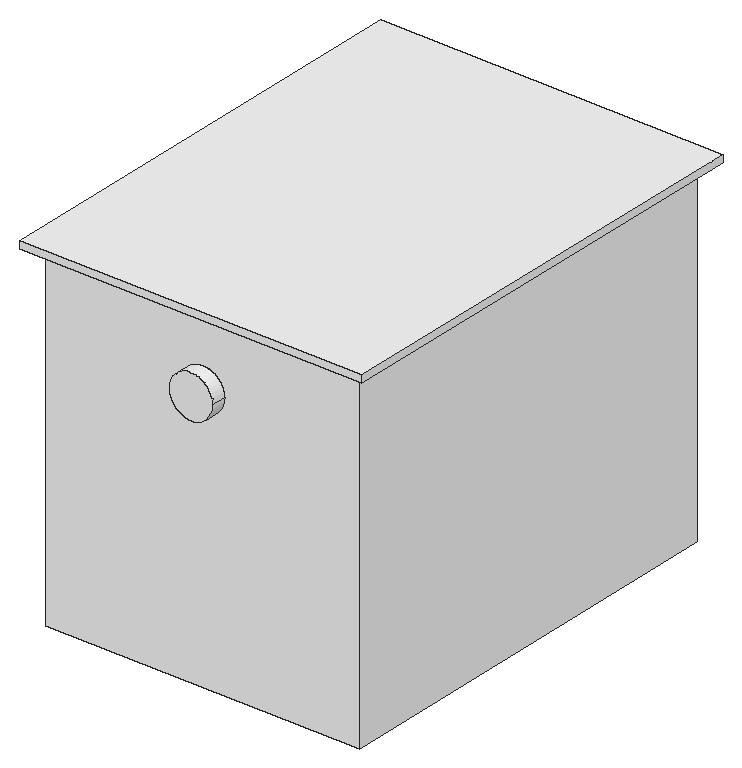
Revit family "Plumbing Fixture-Grease_Interseptor_MI-G-SS", category Plumbing Fixtures, host Face, Revit 2013
Parameters (values of type "MI-G-7-SS")
  Water Capacity = "46.82 Gallons"
  WFU = 0
  URL = "www.mifab.com"
  Standard Inlet And Outlet Radii = F / 2  # 1.500"
  Model = "MI-G-7-SS"
  Manufacturer = "MIFAB"
  Interceptor Material = Stainless Steel
  Grease Capacity = "100 lbs"
  Flow Rate = "50 GPM"
  F = 3.000"
  E = 24.000"
  Description = "Stainless Steel Grease Interceptor"
  Default Elevation = 0.000"
  D = 18.500"
  C = 5.500"
  B = 23.750"
  A = 31.250"
Types (9): name | Water Capacity | URL | Standard Inlet And Outlet Radii | Model | Grease Capacity | Flow Rate | F | E | D | C | B | A
  (no name) | "46.82 Gallons" | "www.mifab.com" | 1.500" | "MI-G-7-SS" | "100 lbs" | "50 GPM" | 3.000" | 24.000" | 18.500" | 5.500" | 23.750" | 31.250"
  MI-G-0-SS | "4.43 Gallons" | "www.mifab.com" | 1.000" | "MI-G-0-SS" | "8 lbs" | "4 GPM" | 2.000" | 11.000" | 8.500" | 2.500" | 11.250" | 16.750"
  MI-G-1-SS | "6 Gallons" | "www.mifab.com" | 1.000" | "MI-G-1-SS" | "14 lbs" | "7 GPM" | 2.000" | 12.000" | 8.500" | 3.500" | 13.750" | 17.750"
  MI-G-2-SS | "9.74 Gallons" | "www.mifab.com" | 1.000" | "MI-G-2-SS" | "20 lbs" | "10 GPM" | 2.000" | 13.000" | 9.500" | 3.500" | 15.750" | 21.250"
  MI-G-3-SS | "13.59 Gallons" | "www.mifab.com" | 1.000" | "MI-G-3-SS" | "30 lbs" | "15 GPM" | 2.000" | 15.000" | 11.500" | 3.500" | 15.750" | 23.750"
  MI-G-4-SS | "16.18 Gallons" | "www.mifab.com" | 1.500" | "MI-G-4-SS" | "40 lbs" | "20 GPM" | 3.000" | 17.500" | 14.000" | 3.500" | 15.750" | 23.750"
  MI-G-5-SS | "23.34 Gallons" | "WWW.MIFAB.COM" | 1.500" | "MI-G-5-SS" | "50 lbs" | "25 GPM" | 3.000" | 17.500" | 14.000" | 3.500" | 18.750" | 27.750"
  MI-G-6-SS | "41.31 Gallons" | "www.mifab.com" | 1.500" | "MI-G-6-SS" | "70 lbs" | "35 GPM" | 3.000" | 22.000" | 16.500" | 5.500" | 23.750" | 31.250"
  MI-G-7-SS | "46.82 Gallons" | "www.mifab.com" | 1.500" | "MI-G-7-SS" | "100 lbs" | "50 GPM" | 3.000" | 24.000" | 18.500" | 5.500" | 23.750" | 31.250"
Reference planes (in)
  plane 1 "Center (Front/Back)": y = 0
  plane 2: z = 0
  plane 3 "Center (Left/Right)": x = 0
  plane 4: x = -11.875
  plane 5: y = -15.625
  plane 6: y = 15.625
  plane 7: x = 11.875
  plane 8: z = -5.5
  plane 9: z = -24
  plane 10: z = -24
  plane 11: z = -0.1345
  plane 12: z = -23.8655
Forms (in)
  Extrusion 1, solid, material "Stainless Steel" <- "Interceptor Material"
    sketch origin (0, 0, 0) x (1, 0, 0) y (0, 1, 0)
      loop
        line (-11.875, 15.625) -> (-11.875, -15.625) -> (11.875, -15.625) -> (11.875, 15.625) -> (-11.875, 15.625)
    from 0 to -0.5
  Extrusion 2, solid, material "Stainless Steel" <- "Interceptor Material"
    sketch origin (0, 0, 0) x (1, 0, 0) y (0, 1, 0)
      loop
        line (-10.875, 14.625) -> (-10.875, -14.625) -> (10.875, -14.625) -> (10.875, 14.625) -> (-10.875, 14.625)
    from 0 to -24
  Extrusion 3, solid, material "Stainless Steel" <- "Interceptor Material"
    sketch origin (0, 0, 0) x (1, 0, 0) y (0, 0, 1)
      loop
        circle (0, -5.5) r 1.5
    from -15.625 to 15.625
  Extrusion 4, void
    sketch origin (0, 0, 0) x (1, 0, 0) y (0, 1, 0)
      loop
        line (-10.7405, 14.4905) -> (-10.7405, -14.4905) -> (10.7405, -14.4905) -> (10.7405, 14.4905) -> (-10.7405, 14.4905)
    from -0.1345 to -23.8655
Cuts and joins
  Extrusion 4 cuts Extrusion 1
  Extrusion 4 cuts Extrusion 2
  Extrusion 4 cuts Extrusion 3
  joined: Extrusion 1, Extrusion 2, Extrusion 3
Lines and regions (in)
  symbolic lines
    curve 1: line (-11.875, 15.625, 0) -> (11.875, 15.625, 0)
    curve 2: line (-11.875, -15.625, 0) -> (-11.875, 15.625, 0)
    curve 3: line (11.875, -15.625, 0) -> (-11.875, -15.625, 0)
    curve 4: line (11.875, 15.625, 0) -> (11.875, -15.625, 0)
Dimensions and locks (in)
  equal spacing: plane 4, plane 3 "Center (Left/Right)", plane 7
  equal spacing: plane 6, plane 1 "Center (Front/Back)", plane 5
  "B": plane 4 to plane 7
  "A": plane 6 to plane 5
  "C": host face to plane 8
  "D": plane 8 to plane 9
  "E": host face to plane 10
  equal spacing: Extrusion 2 sketch curve, plane 3 "Center (Left/Right)", Extrusion 2 sketch curve
  equal spacing: Extrusion 2 sketch curve, plane 1 "Center (Front/Back)", Extrusion 2 sketch curve
  Extrusion 2 sketch curve to plane 6 = 1.000"
  plane 4 to Extrusion 2 sketch curve = 1.000"
  equal spacing: Extrusion 4 sketch curve, plane 3 "Center (Left/Right)", Extrusion 4 sketch curve
  equal spacing: Extrusion 4 sketch curve, plane 1 "Center (Front/Back)", Extrusion 4 sketch curve
  plane 4 to Extrusion 4 sketch curve = 1.1345"
  Extrusion 4 sketch curve to plane 6 = 1.1345"
  locked: plane 12 to plane 10 at 0.1345
  locked: host face to plane 11 at 0.1345
  "F": diameter of Extrusion 3 sketch curve
  aligned and locked: plane 2 to host face
  aligned and locked: level to host face
  aligned and locked: Extrusion 1 sketch curve to plane 6
  aligned and locked: Extrusion 1 sketch curve to plane 4
  aligned and locked: plane 5 to Extrusion 1 sketch curve
  aligned and locked: Extrusion 1 sketch curve to plane 7
  aligned and locked: Extrusion 2 to plane 9
  aligned and locked: Extrusion 3 to plane 5
  aligned and locked: plane 6 to Extrusion 3
  aligned and locked: Extrusion 3 to cut or joined group of Extrusion 1, Extrusion 2, Extrusion 3, Extrusion 4
  aligned and locked: plane 11 to Extrusion 4
  aligned and locked: Extrusion 4 to plane 12
  aligned and locked: curve 1 to plane 6
  aligned and locked: curve 2 to plane 4
  aligned and locked: plane 5 to curve 3
  aligned and locked: curve 4 to plane 7
Automatic sketch dimensions
  host sketch curve to host sketch curve = 38.89674"
  host sketch curve to host sketch curve = 46.00262"
  Extrusion 3 sketch curve to plane 3 "Center (Left/Right)" = 0.000"
  Extrusion 3 sketch curve to plane 8 = 0.000"
Connectors (in)
  piping at (0, 15.625, -5.5), driven by "Standard Inlet And Outlet Radii"
    settings: on cut or joined group of Extrusion 1, Extrusion 2, Extrusion 3, Extrusion 4, index 1, connector radius 1 1/2", flow factor 0, pipe flow 0 GPM, pressure drop 0.00 psi, fitting loss kfactor 0, connector angle 0.00°, fixture units 0, engagement length 0.000", flow configuration 0, flow direction 1, fitting loss method 0, system type 16, joint type 0, gender type 0, connector reference index -1, connector utility 0, adjustable connector no, is connector primary yes, fitting loss table "", connector description "In"
  piping at (0, -15.625, -5.5), driven by "Standard Inlet And Outlet Radii"
    settings: on cut or joined group of Extrusion 1, Extrusion 2, Extrusion 3, Extrusion 4, index 2, connector radius 1 1/2", flow factor 0, pipe flow 0 GPM, pressure drop 0.00 psi, fitting loss kfactor 0, connector angle 0.00°, fixture units 0, engagement length 0.000", flow configuration 0, flow direction 2, fitting loss method 0, system type 16, joint type 0, gender type 0, connector reference index -1, connector utility 0, adjustable connector no, is connector primary no, fitting loss table "", connector description "Out"
